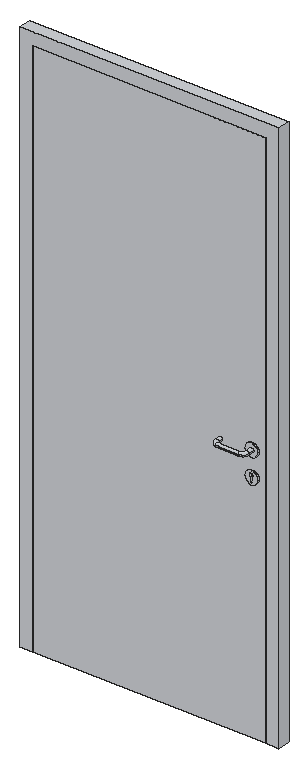
Revit family "DR_1PI_Pivot Door", category Doors, host Wall, Revit 2021
Family settings
  Host = Wall
  OmniClass Number = 23.30.10.00
  OmniClass Title = Doors
  Always vertical = Yes
  Cut with Voids When Loaded = No
  Shared = No
  Room Calculation Point = Yes
Parameters (values of type "900x2100_Int")
  YN_PushBar = no
  YN_Opening_DoubleSide = no
  YN_Handle_Internal = yes
  YN_Handle_External = yes
  YN_FlushWall_Int = yes
  YN_FlushWall_Ext = no
  Thickness = 0 mm  # constant formula
  TX_TypeCode = "1PI"
  TX_Host [instance] = ""
  Rough Width = 0 mm  # constant formula
  Rough Height = 0 mm  # constant formula
  MA_Panel = none
  MA_Handle = none
  MA_Frame = none
  Function = Interior
  Height = 0 mm  # constant formula
  Wall Closure = By host
  Width = 0 mm  # constant formula
  Description = "Porta a un'anta a bilico. Montata a filo interno."
  Define Thermal Properties by = Schematic Type
  DI_Width_Rough = DI_Width + (DI_Frame_Width * 2)  # 1000 mm
  DI_Width_Clear = DI_Width - DI_Hinge_OffsetX  # 800 mm
  DI_Width = 900 mm
  DI_Wall_Thickness [instance] = 200 mm
  DI_WallOpening_Interior [instance] = 0 mm
  DI_WallOpening_Exterior [instance] = 0 mm
  DI_VoidDepth_Below = 200 mm
  DI_Panel_Width = DI_Width  # 900 mm
  DI_Panel_Thickness = 50 mm
  DI_Panel_OffsetYC [instance] = 300 mm + if(YN_FlushWall_Int, 0 mm, if(YN_FlushWall_Ext, (DI_Wall_Thickness - DI_Frame_Thickness), DI_Panel_OffsetY))  # 300 mm
  DI_Panel_OffsetY [instance] = 0 mm
  DI_Panel_Height = DI_Height  # 2100 mm
  DI_Opening_Projection_Angle = 90.00°
  DI_Opening_Angle = 0.00°
  DI_Hinge_OffsetY = DI_Panel_Thickness / 2  # 25 mm
  DI_Hinge_OffsetX = 100 mm
  DI_Height_Rough = DI_Height + DI_Frame_Width  # 2150 mm
  DI_Height_Clear = DI_Height  # 2100 mm
  DI_Height = 2100 mm
  DI_Handle_OffsetZ = 1000 mm
  DI_Handle_OffsetX = 50 mm + DI_Hinge_OffsetX  # 150 mm
  DI_Frame_Width = 50 mm
  DI_Frame_Thickness = DI_Panel_Thickness  # 50 mm
  Analytic Construction = "<None>"
Types (6, lengths in mm): name | YN_PushBar | YN_Opening_DoubleSide | YN_Handle_Internal | YN_FlushWall_Int | YN_FlushWall_Ext | Description | DI_Panel_OffsetYC
  900x2100_Ext | no | no | yes | no | yes | "Porta a un'anta a bilico. Montata a filo esterno." | 450
  900x2100_Int | no | no | yes | yes | no | "Porta a un'anta a bilico. Montata a filo interno." | 300
  900x2100_Int_DS | no | yes | yes | yes | no | "Porta a un'anta a bilico va e vieni. Montata a filo interno." | 300
  900x2100_Ext_DS | no | yes | yes | no | yes | "Porta a un'anta a bilico va e vieni. Montata a filo esterno." | 450
  900x2100_Int_PB | yes | no | yes | yes | no | "Porta a un'anta a bilico con maniglione. Montata a filo interno." | 300
  900x2100_Ext_PB | yes | no | no | no | yes | "Porta a un'anta a bilico con maniglione. Montata a filo esterno." | 450
Reference planes
  plane 1 "Center": y = 0
  plane 2 "Center (Left/Right)": x = 0
  plane 3 "Left": x = -500
  plane 4 "Right": x = 500
  plane 5 "Top": z = 2150
  plane 6 "Back": y = 100
  plane 7 "Front": y = -100
  plane 8 "Left Panel": x = -450
  plane 9 "Frame": x = 450
  plane 10 "FrontPanel": y = -100
  plane 11 "BackPanel": y = -50
  plane 12 "Frame_Top": z = 2100
  plane 13 "MidllePanel": y = -75
  plane 14 "VoidDepth_Below": z = -200
  plane 15 "Posizione Cerniera Y": x = -350
  plane 16 "Posizione Cerniera X": y = 100
  plane 17 "Opening Projection Ext": y = 100
  plane 18 "Opening Projection Int": y = -100
  plane 19: y = -400
Forms (mm)
  Extrusion 1, void
    sketch origin (0, 0, 0) x (1, 0, 0) y (0, 1, 0)
      loop
        line (-500, 100) -> (-500, -100) -> (500, -100) -> (500, 100) -> (-500, 100)
    from -200 to 2150
Lines and regions (mm)
  symbolic lines, style "DoorsOpeningProjection"
    curve 1: line (-500, 100, 0) -> (500, 100, 0)
    curve 2: line (-500, -100, 0) -> (500, -100, 0)
  reference lines
    curve 3: line (-350, -75, 0) -> (-350, 765, 0)
    curve 4: line (-350, -75, 0) -> (470, -75, 0)
    curve 5: line (-350, -75, 0) -> (-350, -835, 0)
Text (mm)
  text "Exterior" at (-2295.016, 1099.543, 0), in view "Ref. Level"
  text "Exterior" at (0, 1615.38, 3698.081), in view "Left"
  text "Exterior" at (0, 1036.032, 3874.932), in view "Right"
Dimensions and locks
  equal spacing: plane 8 "Left Panel", plane 2 "Center (Left/Right)", plane 9 "Frame"
  locked: plane 6 "Back" to host wall
  locked: plane 7 "Front" to host wall
  "DI_Frame_Width": plane 5 "Top" to plane 12 "Frame_Top"
  "DI_Panel_Thickness": plane 11 "BackPanel" to plane 10 "FrontPanel"
  "DI_Panel_OffsetYC": plane 19 to plane 10 "FrontPanel"
  "DI_Width": plane 8 "Left Panel" to plane 9 "Frame"
  "DI_Frame_Width": plane 9 "Frame" to plane 4 "Right"
  "DI_Frame_Width": plane 3 "Left" to plane 8 "Left Panel"
  "DI_Height": plane 12 "Frame_Top" to level
  "DI_Wall_Thickness": host wall to host wall
  "DI_VoidDepth_Below": plane 14 "VoidDepth_Below" to level
  "DI_Hinge_OffsetX": plane 8 "Left Panel" to plane 15 "Posizione Cerniera Y"
  "DI_WallOpening_Exterior": plane 6 "Back" to plane 17 "Opening Projection Ext"
  "DI_WallOpening_Interior": plane 18 "Opening Projection Int" to plane 7 "Front"
  "DI_Hinge_OffsetY": plane 13 "MidllePanel" to plane 10 "FrontPanel"
  locked: plane 7 "Front" to plane 19 at 300
  "DI_Opening_Angle": angle plane 13 "MidllePanel" to curve 4
  "DI_Opening_Projection_Angle": angle plane 13 "MidllePanel" to curve 3
  "DI_Opening_Projection_Angle": angle curve 5 to plane 13 "MidllePanel"
  aligned and locked: plane 1 "Center" to host wall
  aligned and locked: Extrusion 1 sketch curve to plane 3 "Left"
  aligned and locked: plane 4 "Right" to Extrusion 1 sketch curve
  aligned and locked: Extrusion 1 to plane 5 "Top"
  aligned and locked: plane 2 "Center (Left/Right)" to nested 1
  aligned and locked: nested 1 to plane 13 "MidllePanel"
  aligned and locked: Extrusion 1 to plane 14 "VoidDepth_Below"
  aligned and locked: curve 1 to plane 17 "Opening Projection Ext"
  aligned and locked: plane 18 "Opening Projection Int" to curve 2
  aligned and locked: plane 13 "MidllePanel" to curve 4
  aligned and locked: plane 15 "Posizione Cerniera Y" to curve 4
  aligned and locked: plane 13 "MidllePanel" to curve 5
  aligned and locked: plane 15 "Posizione Cerniera Y" to curve 5
  aligned and locked: Extrusion 1 sketch curve to plane 17 "Opening Projection Ext"
  aligned and locked: Extrusion 1 sketch curve to plane 18 "Opening Projection Int"
  aligned and locked: plane 13 "MidllePanel" to curve 3
  aligned and locked: plane 15 "Posizione Cerniera Y" to curve 3
Automatic sketch dimensions
  curve 2 to plane 3 "Left" = 0 mm
  curve 1 to plane 3 "Left" = 0 mm
  curve 2 to plane 4 "Right" = 0 mm
  curve 1 to plane 4 "Right" = 0 mm
Nested families
  nested 1: "DR.FR_Generic Frame" at (0, -75, 0), MA_Frame <- "MA_Frame", Thickness <- "DI_Frame_Thickness", DI_Frame_Width <- "DI_Frame_Width", DI_Frame_Thickness <- "DI_Frame_Thickness", type "0"
    with Width 0 mm, Thickness 0 mm, MA_Frame none, Height 0 mm, DI_Width 1000 mm, DI_Height 2150 mm, DI_Frame_Width 50 mm, DI_Frame_Thickness 50 mm
  nested 2: "DR.PN_Panel Pivot" at (-350, 275, 0) x (0, 1, 0) z (0, 0, 1), DI_Panel_Height <- "DI_Panel_Height", DI_Panel_Thickness <- "DI_Panel_Thickness", DI_Panel_Width <- "DI_Panel_Width", DI_PivotHinge_Offset <- "DI_Hinge_OffsetX", YN_DoubleSideOpening <- "YN_Opening_DoubleSide", DI_Opening_Projection_Angle <- "DI_Opening_Projection_Angle", type "Pivot_Projection"
    with YN_DoubleSideOpening no, Thickness 0 mm, MA_Panel none, DI_PivotHinge_Offset 100 mm, DI_Panel_Width 900 mm, DI_Panel_Thickness 50 mm, DI_Panel_Height 2100 mm, DI_Opening_Projection_Angle 90.00°
  nested 3: "DR.PN_Panel Pivot" at (0, -75, 0), DI_Panel_Height <- "DI_Panel_Height", DI_Panel_Thickness <- "DI_Panel_Thickness", DI_Panel_Width <- "DI_Panel_Width", DI_PivotHinge_Offset <- "DI_Hinge_OffsetX", YN_DoubleSideOpening <- "YN_Opening_DoubleSide", DI_Opening_Projection_Angle <- "DI_Opening_Projection_Angle", MA_Panel <- "MA_Panel", type "Pivot"
    with YN_DoubleSideOpening no, Thickness 0 mm, MA_Panel none, DI_PivotHinge_Offset 100 mm, DI_Panel_Width 900 mm, DI_Panel_Thickness 50 mm, DI_Panel_Height 2100 mm, DI_Opening_Projection_Angle 90.00°
  nested 4: "DR.HA_Handle_DlineU_HW" at (-488.394, -75, 0) x (0, 1, 0) z (0, 0, 1), DI_Panel_Height <- "DI_Panel_Height", DI_Panel_Thickness <- "DI_Panel_Thickness", DI_Panel_Width <- "DI_Panel_Width", DI_Handle_OffsetX <- "DI_Handle_OffsetX", YN_Handle_External <- "YN_Handle_External", YN_Handle_Internal <- "YN_Handle_Internal", type "Projection"
    with YN_Opening_Pivot yes, YN_Handle_Internal yes, YN_Handle_External yes, MA_Handle none, DI_Panel_Width 900 mm, DI_Panel_Thickness 50 mm, DI_Panel_OffsetYC 25 mm, DI_Panel_OffsetY 25 mm, DI_Panel_Height 2100 mm, DI_Handle_OffsetZ 1000 mm, DI_Handle_OffsetX 150 mm
  nested 5: "DR.HA_Handle_DlineU_HW" at (-350, 63.394, 0), DI_Panel_Height <- "DI_Panel_Height", DI_Panel_Thickness <- "DI_Panel_Thickness", DI_Panel_Width <- "DI_Panel_Width", DI_Handle_OffsetX <- "DI_Handle_OffsetX", YN_Handle_External <- "YN_Handle_External", YN_Handle_Internal <- "YN_Handle_Internal", DI_Handle_OffsetZ <- "DI_Handle_OffsetZ", MA_Handle <- "MA_Handle", type "Cut"
    with YN_Opening_Pivot yes, YN_Handle_Internal yes, YN_Handle_External yes, MA_Handle none, DI_Panel_Width 900 mm, DI_Panel_Thickness 50 mm, DI_Panel_OffsetYC 25 mm, DI_Panel_OffsetY 0 mm, DI_Panel_Height 2100 mm, DI_Handle_OffsetZ 1000 mm, DI_Handle_OffsetX 150 mm
  nested 6: "DR.HA_Handle_Panicbar_HW" at (-421.497, -75, 0) x (0, 1, 0) z (0, 0, 1), DI_Panel_Thickness <- "DI_Panel_Thickness", DI_Panel_Width <- "DI_Width_Clear", YN_Handle_Internal <- "YN_PushBar", type "Projection"
    with YN_Handle_Internal no, YN_Handle_External no, MA_Handle none, DI_Panel_Width 800 mm, DI_Panel_Thickness 50 mm, DI_Panel_OffsetYC 25 mm, DI_Panel_OffsetY 0 mm, DI_Handle_OffsetZ 1000 mm, DI_Handle_OffsetX 400 mm, YN_Opening_Pivot yes
  nested 7: "DR.HA_Handle_Panicbar_HW" at (-350, -3.503, 0), DI_Panel_Thickness <- "DI_Panel_Thickness", DI_Panel_Width <- "DI_Width_Clear", YN_Handle_Internal <- "YN_PushBar", DI_Handle_OffsetZ <- "DI_Handle_OffsetZ", MA_Handle <- "MA_Handle", type "Cut"
    with YN_Handle_Internal no, YN_Handle_External no, MA_Handle none, DI_Panel_Width 800 mm, DI_Panel_Thickness 50 mm, DI_Panel_OffsetYC 25 mm, DI_Panel_OffsetY 0 mm, DI_Handle_OffsetZ 1000 mm, DI_Handle_OffsetX 400 mm, YN_Opening_Pivot yes
  nested 8: "DR.HA_Handle_Panicbar_HW" at (-278.503, -75, 0) x (0, -1, 0) z (0, 0, 1), DI_Panel_Thickness <- "DI_Panel_Thickness", DI_Panel_Width <- "DI_Width_Clear", YN_Handle_Internal <- "YN_PushBar", visible <- "YN_Opening_DoubleSide", type "Projection"
    with YN_Handle_Internal no, YN_Handle_External no, MA_Handle none, DI_Panel_Width 800 mm, DI_Panel_Thickness 50 mm, DI_Panel_OffsetYC 25 mm, DI_Panel_OffsetY 0 mm, DI_Handle_OffsetZ 1000 mm, DI_Handle_OffsetX 400 mm, YN_Opening_Pivot yes
  nested 9: "DR.HA_Handle_DlineU_HW" at (-211.606, -75, 0) x (0, -1, 0) z (0, 0, 1), DI_Panel_Height <- "DI_Panel_Height", DI_Panel_Thickness <- "DI_Panel_Thickness", DI_Panel_Width <- "DI_Panel_Width", DI_Handle_OffsetX <- "DI_Handle_OffsetX", YN_Handle_External <- "YN_Handle_External", YN_Handle_Internal <- "YN_Handle_Internal", visible <- "YN_Opening_DoubleSide", type "Projection"
    with YN_Opening_Pivot yes, YN_Handle_Internal yes, YN_Handle_External yes, MA_Handle none, DI_Panel_Width 900 mm, DI_Panel_Thickness 50 mm, DI_Panel_OffsetYC 25 mm, DI_Panel_OffsetY 0 mm, DI_Panel_Height 2100 mm, DI_Handle_OffsetZ 1000 mm, DI_Handle_OffsetX 150 mm
  nested 10: "DR.PN_Panel Pivot" at (-350, -425, 0) x (0, -1, 0) z (0, 0, 1), DI_Panel_Height <- "DI_Panel_Height", DI_Panel_Thickness <- "DI_Panel_Thickness", DI_Panel_Width <- "DI_Panel_Width", DI_PivotHinge_Offset <- "DI_Hinge_OffsetX", visible <- "YN_Opening_DoubleSide", type "Pivot_Projection"
    with YN_DoubleSideOpening no, Thickness 0 mm, MA_Panel none, DI_PivotHinge_Offset 100 mm, DI_Panel_Width 900 mm, DI_Panel_Thickness 50 mm, DI_Panel_Height 2100 mm, DI_Opening_Projection_Angle 60.00°
Definition of nested family "DR.FR_Generic Frame"
  Parameters (values of type "0")
    Width [instance] = 0 mm  # constant formula
    Thickness [instance] = 0 mm  # constant formula
    MA_Frame [instance] = none
    Height [instance] = 0 mm  # constant formula
    Define Thermal Properties by = 1
    Default Elevation = 0 mm
    DI_Width [instance] = 1200 mm
    DI_Height [instance] = 2100 mm
    DI_Frame_Width [instance] = 100 mm
    DI_Frame_Thickness [instance] = 200 mm
    Analytic Construction = "<None>"
  Reference planes
    plane 1 "Center (Front/Back)": y = 0
    plane 2: z = 0
    plane 3 "Center (Left/Right)": x = 0
    plane 4 "Left": x = -600
    plane 5 "Right": x = 600
    plane 6 "FrontFrame": y = -100
    plane 7 "Top": z = 2100
    plane 8: z = 1050
    plane 9: x = -500
    plane 10: x = 500
    plane 11 "BackFrame": y = 100
  Forms (mm)
    Sweep 1, solid, material <- "MA_Frame"
      path origin (0, -100, 0) x (-1, 0, 0) y (0, 0, 1)
        loop
          line (600, 0) -> (600, 2100) -> (-600, 2100) -> (-600, 0)
      profile origin (-600, -100, 1050) x (1, 0, 0) y (0, 1, 0)
        loop
          line (100, 200) -> (0, 200) -> (0, 0) -> (100, 0) -> (100, 200)
  Lines and regions (mm)
    Masking region 1
      outline origin (0, 0, 0) x (1, 0, 0) y (0, 1, 0)
        loop
          line (-600, -100) -> (-500, -100) -> (-500, 100) -> (-600, 100) -> (-600, -100)
    Masking region 2
      outline origin (0, 0, 0) x (1, 0, 0) y (0, 1, 0)
        loop
          line (600, -100) -> (600, 100) -> (500, 100) -> (500, -100) -> (600, -100)
  Dimensions and locks
    "DI_Width": plane 4 "Left" to plane 5 "Right"
    equal spacing: plane 4 "Left", plane 3 "Center (Left/Right)", plane 5 "Right"
    "DI_Frame_Thickness": plane 6 "FrontFrame" to plane 11 "BackFrame"
    "DI_Height": plane 7 "Top" to plane 2
    equal spacing: plane 7 "Top", plane 8, plane 2
    "DI_Frame_Width": plane 4 "Left" to plane 9
    "DI_Frame_Width": plane 10 to plane 5 "Right"
    equal spacing: plane 6 "FrontFrame", plane 1 "Center (Front/Back)", plane 11 "BackFrame"
    aligned and locked: level to plane 2
    aligned and locked: plane 4 "Left" to Sweep 1 sketch curve
    aligned and locked: plane 7 "Top" to Sweep 1 sketch curve
    aligned and locked: Sweep 1 sketch curve to plane 5 "Right"
    aligned and locked: plane 2 to Sweep 1 sketch curve  (x2)
    aligned and locked: Sweep 1 sketch curve to plane 9
    aligned and locked: Sweep 1 sketch curve to plane 6 "FrontFrame"
    aligned and locked: Sweep 1 sketch curve to plane 4 "Left"
    aligned and locked: Masking region 1 sketch curve to plane 4 "Left"
    aligned and locked: Masking region 1 sketch curve to plane 9
    aligned and locked: Masking region 1 sketch curve to plane 6 "FrontFrame"
    aligned and locked: plane 5 "Right" to Masking region 2 sketch curve
    aligned and locked: Masking region 2 sketch curve to plane 10
    aligned and locked: Masking region 2 sketch curve to plane 6 "FrontFrame"
    aligned and locked: plane 11 "BackFrame" to Masking region 1
    aligned and locked: plane 11 "BackFrame" to Masking region 2
    aligned and locked: plane 11 "BackFrame" to Sweep 1 sketch curve
  Automatic sketch dimensions
    Masking region 1 sketch curve to plane 1 "Center (Front/Back)" = 100 mm
    Masking region 2 sketch curve to plane 1 "Center (Front/Back)" = 100 mm
Definition of nested family "DR.PN_Panel Pivot"
  Parameters (values of type "Pivot")
    YN_Swing = not(YN_Panel_Projection)  # yes
    YN_Panel_Projection = no
    YN_Panel = not(YN_Panel_Projection)  # yes
    YN_DoubleSideOpening [instance] = no
    YN_3D = not(YN_Panel_Projection)  # yes
    Width = 0 mm  # constant formula
    Thickness [instance] = 0 mm  # constant formula
    Rough Width = 0 mm  # constant formula
    Rough Height = 0 mm  # constant formula
    MA_Panel [instance] = none
    Height = 0 mm  # constant formula
    Define Thermal Properties by = 1
    Default Elevation = 0 mm  # constant formula
    DI_PivotHinge_Offset [instance] = 100 mm
    DI_Panel_Width [instance] = 1200 mm
    DI_Panel_Thickness [instance] = 100 mm
    DI_Panel_Height [instance] = 2100 mm
    DI_Opening_Projection_Angle [instance] = 45.00°
    Analytic Construction = "<None>"
  Types (2, lengths in mm): name | YN_Swing | YN_Panel_Projection | YN_Panel | YN_3D | DI_Panel_Width | DI_Opening_Projection_Angle
    Pivot | yes | no | yes | yes | 1200 | 45.00°
    Pivot_Projection | no | yes | no | no | 1000 | 60.00°
  Reference planes
    plane 1 "Center (Front/Back)": y = 0
    plane 2: z = 0
    plane 3 "Center (Left/Right)": x = 0
    plane 4 "Left": x = -600
    plane 5 "Right": x = 600
    plane 6 "FrontPanel": y = -50
    plane 7 "Top": z = 2100
    plane 8: z = 1050
    plane 9 "BackPanel": y = 50
    plane 10 "Y_Bilico": x = -500
  Forms (mm)
    Extrusion 1, solid, material <- "MA_Panel", visible <- "YN_3D"
      sketch origin (1340, 700, 0) x (1, 0, 0) y (0, 1, 0)
        loop
          line (-1940, -750) -> (-740, -750) -> (-740, -650) -> (-1940, -650) -> (-1940, -750)
      from 0 to 2100
  Lines and regions (mm)
    Masking region 1, visible <- "YN_Panel"
      outline origin (40, 290, 0) x (1, 0, 0) y (0, 1, 0)
        loop
          line (-640, -240) -> (-640, -340) -> (560, -340) -> (560, -240) -> (-640, -240)
    model lines, not visible
      curve 1: line (-500, -50, 2100) -> (600, -50, 1050)
      curve 2: line (-500, -50, 0) -> (600, -50, 1050)
      curve 7: line (-342.5, -50, 1050) -> (467.5, -50, 1050)
      curve 8: line (-342.5, 50, 1050) -> (467.5, 50, 1050)
    model lines, visible <- "YN_Swing"
      curve 3: line (-500, -50, 2100) -> (600, -50, 1050)
      curve 4: line (-500, -50, 0) -> (600, -50, 1050)
      curve 5: line (-500, 50, 2100) -> (600, 50, 1050)
      curve 6: line (600, 50, 1050) -> (-500, 50, 0)
      curve 15: line (-500, 50, 0) -> (-600, 50, 1050)
      curve 16: line (-600, 50, 1050) -> (-500, 50, 2100)
      curve 17: line (-500, -50, 0) -> (-600, -50, 1050)
      curve 18: line (-600, -50, 1050) -> (-500, -50, 2100)
      curve 19: line (-500, 50, 0) -> (-500, 50, 2100)
      curve 20: line (-500, -50, 0) -> (-500, -50, 2100)
    reference lines
      curve 9: line (-500, 0, 0) -> (-277.261, 222.739, 0)
      curve 12: line (-500, 0, 0) -> (-277.261, -222.739, 0)
    symbolic lines, visible <- "YN_Swing"
      curve 10: arc (600, 0, 0) -> (516.267, 420.952, 0) -> (277.817, 777.817, 0) r 1100
      curve 11: arc (-600, 0, 0) -> (-592.388, -38.268, 0) -> (-570.711, -70.711, 0) r 100
    symbolic lines, visible <- "YN_DoubleSideOpening"
      curve 13: arc (600, 0, 0) -> (516.267, -420.952, 0) -> (277.817, -777.817, 0) r 1100
      curve 14: arc (-600, 0, 0) -> (-592.388, 38.268, 0) -> (-570.711, 70.711, 0) r 100
    symbolic lines, visible <- "YN_Panel_Projection"
      curve 21: line (-600, 50, 0) -> (600, 50, 0)
    symbolic lines, visible <- "YN_Panel_Projection", detail levels medium+fine
      curve 22: line (-600, -50, 0) -> (-600, 50, 0)
      curve 23: line (600, -50, 0) -> (-600, -50, 0)
      curve 24: line (600, 50, 0) -> (600, -50, 0)
  Dimensions and locks
    "DI_Panel_Width": plane 4 "Left" to plane 5 "Right"
    equal spacing: plane 4 "Left", plane 3 "Center (Left/Right)", plane 5 "Right"
    "DI_Panel_Thickness": plane 6 "FrontPanel" to plane 9 "BackPanel"
    "DI_Panel_Height": plane 7 "Top" to plane 2
    equal spacing: plane 7 "Top", plane 8, plane 2
    plane 4 "Left" to plane 3 "Center (Left/Right)" = 600 mm
    equal spacing: plane 6 "FrontPanel", plane 1 "Center (Front/Back)", plane 9 "BackPanel"
    "DI_PivotHinge_Offset": plane 4 "Left" to plane 10 "Y_Bilico"
    plane 7 "Top" to curve 1 = 0 mm
    "DI_Opening_Projection_Angle": angle plane 1 "Center (Front/Back)" to curve 9
    "DI_Opening_Projection_Angle": angle curve 12 to plane 1 "Center (Front/Back)"
    aligned and locked: level to plane 2
    aligned and locked: plane 4 "Left" to Extrusion 1
    aligned and locked: plane 9 "BackPanel" to Extrusion 1
    aligned and locked: plane 5 "Right" to Extrusion 1
    aligned and locked: Extrusion 1 to plane 6 "FrontPanel"
    aligned and locked: plane 7 "Top" to Extrusion 1
    aligned and locked: curve 9 to curve 10
    aligned and locked: curve 11 to curve 9
    aligned and locked: plane 1 "Center (Front/Back)" to curve 11
    aligned and locked: plane 4 "Left" to curve 11
    aligned and locked: curve 12 to curve 13
    aligned and locked: curve 14 to curve 12
    aligned and locked: plane 1 "Center (Front/Back)" to curve 12
    aligned and locked: plane 10 "Y_Bilico" to curve 12
    aligned and locked: curve 19 to plane 10 "Y_Bilico"
    aligned and locked: plane 2 to curve 19
    aligned and locked: plane 7 "Top" to curve 19
    aligned and locked: plane 10 "Y_Bilico" to curve 20
    aligned and locked: plane 2 to curve 20
    aligned and locked: Masking region 1 sketch curve to plane 4 "Left"
    aligned and locked: Masking region 1 sketch curve to plane 5 "Right"
    aligned and locked: plane 6 "FrontPanel" to Masking region 1 sketch curve
    aligned and locked: Masking region 1 sketch curve to plane 9 "BackPanel"
    aligned and locked: curve 21 to plane 9 "BackPanel"
    aligned and locked: curve 22 to plane 4 "Left"
    aligned and locked: plane 6 "FrontPanel" to curve 23
    aligned and locked: curve 24 to plane 5 "Right"
  Automatic sketch dimensions
    curve 8 to curve 8 = 810 mm
    Extrusion 1 sketch curve to plane 4 "Left" = 0 mm
    Extrusion 1 sketch curve to plane 5 "Right" = 0 mm
    Extrusion 1 sketch curve to plane 6 "FrontPanel" = 0 mm
    Extrusion 1 sketch curve to plane 9 "BackPanel" = 0 mm
    curve 7 to plane 8 = 0 mm
    plane 10 "Y_Bilico" to curve 7 = 157.5 mm
    curve 7 to plane 5 "Right" = 132.5 mm
    curve 5 to plane 5 "Right" = 0 mm
    curve 8 to plane 8 = 0 mm
    plane 4 "Left" to curve 15 = 0 mm
    curve 5 to plane 8 = 0 mm
    curve 15 to plane 8 = 0 mm
    curve 8 to plane 5 "Right" = 132.5 mm
    plane 10 "Y_Bilico" to curve 8 = 157.5 mm
    curve 1 to plane 5 "Right" = 0 mm
    plane 4 "Left" to curve 17 = 0 mm
    curve 1 to plane 8 = 0 mm
    curve 18 to plane 8 = 0 mm
    curve 10 to curve 11 = 0 mm  (x2)
    curve 11 to curve 14 = 0 mm
    curve 13 to curve 14 = 0 mm
    curve 14 to plane 10 "Y_Bilico" = 0 mm
    curve 13 to plane 5 "Right" = 0 mm
Definition of nested family "DR.HA_Handle_DlineU_HW"
  Parameters (values of type "Cut")
    YN_Opening_Pivot [instance] = no
    YN_Handle_Internal [instance] = yes
    YN_Handle_External [instance] = yes
    MA_Handle [instance] = none
    Handle = DR.HA_Handle_DlineU : Cut
    Define Thermal Properties by = 1
    Default Elevation = 0 mm  # constant formula
    DI_Panel_Width [instance] = 900 mm
    DI_Panel_Thickness [instance] = 40 mm
    DI_Panel_OffsetYC [instance] = if(YN_Opening_Pivot, (DI_Panel_Thickness / 2), DI_Panel_OffsetY)  # 0 mm
    DI_Panel_OffsetY [instance] = 0 mm
    DI_Panel_Height [instance] = 2148.093 mm
    DI_Handle_OffsetZ [instance] = 1000 mm
    DI_Handle_OffsetX [instance] = 50 mm
    Analytic Construction = "<None>"
  Types (2, lengths in mm): name | YN_Opening_Pivot | Handle | DI_Panel_OffsetYC
    Projection | yes | DR.HA_Handle_DlineU : Projection | 20
    Cut | no | DR.HA_Handle_DlineU : Cut | 0
  Reference planes
    plane 1 "Panel_Ext": y = -138.394
    plane 2: z = 0
    plane 3 "Center (Left/Right)": x = 0
    plane 4 "Panel_Int": y = -178.394
    plane 5: z = 1000
    plane 6: x = 900
    plane 7: x = 850
    plane 8: z = 2148.093
    plane 9 "Origin": y = -138.394
  Lines and regions (mm)
    symbolic lines, detail levels coarse
      curve 1: line (0, -178.394, 0) -> (0, -138.394, 0)
  Dimensions and locks
    "DI_Panel_Thickness": plane 4 "Panel_Int" to plane 1 "Panel_Ext"
    "DI_Handle_OffsetZ": plane 2 to plane 5
    "DI_Panel_Width": plane 6 to plane 3 "Center (Left/Right)"
    "DI_Handle_OffsetX": plane 6 to plane 7
    "DI_Panel_Height": plane 8 to level
    "DI_Panel_OffsetYC": plane 9 "Origin" to plane 1 "Panel_Ext"
    aligned and locked: plane 2 to level
    aligned and locked: plane 7 to nested 2
    aligned and locked: nested 1 to plane 7
    aligned and locked: plane 4 "Panel_Int" to nested 1
    aligned and locked: plane 1 "Panel_Ext" to nested 2
  Automatic sketch dimensions
    plane 1 "Panel_Ext" to curve 1 = 0 mm
    curve 1 to plane 3 "Center (Left/Right)" = 0 mm
    plane 4 "Panel_Int" to curve 1 = 0 mm
  Nested families
    nested 1: "DR.HA_Handle_DlineU" at (850, -178.394, 1000), built-in parameter 1001364 <- "DI_Handle_OffsetZ", visible <- "YN_Handle_Internal", MA_Handle <- "MA_Handle", type <- "Handle", type "Cut"
      with MA_Handle none
    nested 2: "DR.HA_Handle_DlineU" at (850, -138.394, 1000), built-in parameter 1001364 <- "DI_Handle_OffsetZ", visible <- "YN_Handle_External", MA_Handle <- "MA_Handle", type <- "Handle", type "Cut"
      with MA_Handle none
  Definition of nested family "DR.HA_Handle_DlineU"
    Parameters (values of type "Cut")
      YN_Graphics_Projection = no
      YN_Graphics_Cut = yes
      YN_3D = yes
      MA_Handle [instance] = none
      Define Thermal Properties by = 1
      Default Elevation = 0 mm  # constant formula
      Analytic Construction = "<None>"
    Types (2, lengths in mm): name | YN_Graphics_Projection | YN_Graphics_Cut | YN_3D
      Cut | no | yes | yes
      Projection | yes | no | no
    Reference planes
      plane 1 "Center (Front/Back)": y = 0
      plane 2: z = 0
      plane 3 "Center (Left/Right)": x = 0
    Forms (mm)
      Extrusion 1, solid, material <- "MA_Handle", visible <- "YN_3D"
        sketch origin (-0.15, 0, 0) x (1, 0, 0) y (0, 0, 1)
          loop
            circle (0, 0) r 25
        from 0 to 4
      Extrusion 2, solid, material <- "MA_Handle", visible <- "YN_3D", detail levels medium+fine
        sketch origin (-0.15, 0, -194.519) x (1, 0, 0) y (0, 0, 1)
          loop
            circle (0, 99.519) r 25
        from 0 to 4
      Extrusion 3, void, detail levels medium+fine
        sketch origin (-0.15, -15, 0) x (1, 0, 0) y (0, 0, 1)
          loop
            line (-3.787, -93.841) -> (-3.787, -107.646)
            arc (-3.787, -107.646) -> (0, -111.433) -> (3.787, -107.646) r 3.787
            line (3.787, -107.646) -> (3.787, -94.007)
            arc (3.787, -94.007) -> (0.321, -79.308) -> (-3.787, -93.841) r 7.8
        from -15 to 0
      Sweep 4, solid, material <- "MA_Handle", visible <- "YN_3D"
        path origin (0, 0, 0) x (1, 0, 0) y (0, 1, 0)
          loop
            line (-116, -10) -> (-116, -28)
            arc (-116, -28) -> (-111.899, -37.899) -> (-102, -42) r 14
            line (-102, -42) -> (-14, -42)
            arc (-14, -42) -> (-4.101, -37.899) -> (0, -28) r 14
            line (0, -28) -> (0, 0)
        profile origin (-58, -42, 0) x (0, 1, 0) y (0, 0, 1)
          loop
            circle (0, 0) r 7
    Cuts and joins
      Extrusion 3 cuts Extrusion 2
      joined: Extrusion 1, Sweep 4
    Lines and regions (mm)
      Masking region 1, visible <- "YN_Graphics_Cut"
        outline origin (0, 0, 0) x (1, 0, 0) y (0, 1, 0)
          loop
            line (-25.15, 0) -> (-25.15, -4) -> (-7, -4) -> (-7, -27.995)
            arc (-7, -27.995) -> (-9.05, -32.945) -> (-14, -34.995) r 7
            line (-14, -34.995) -> (-102, -34.995)
            arc (-102, -34.995) -> (-106.95, -32.945) -> (-109, -27.995) r 7
            line (-109, -27.995) -> (-109, -10) -> (-123, -10) -> (-123, -28.195)
            arc (-123, -28.195) -> (-116.908, -42.903) -> (-102.2, -48.995) r 20.8
            line (-102.2, -48.995) -> (-13.8, -48.995)
            arc (-13.8, -48.995) -> (0.908, -42.903) -> (7, -28.195) r 20.8
            line (7, -28.195) -> (7, -4) -> (24.85, -4) -> (24.85, 0) -> (-25.15, 0)
      symbolic lines, visible <- "YN_Graphics_Projection", detail levels medium+fine
        curve 1: line (-25.15, 0, 0) -> (24.85, 0, 0)
        curve 2: line (-25.15, -4, 0) -> (-7, -4, 0)
        curve 3: line (-25.15, -4, 0) -> (-25.15, 0, 0)
        curve 4: line (24.85, -4, 0) -> (24.85, 0, 0)
        curve 5: line (-102, -34.995, 0) -> (-14, -34.995, 0)
        curve 6: line (-7, -27.995, 0) -> (-7, -4, 0)
        curve 7: line (7, -28.195, 0) -> (7, -4, 0)
        curve 8: line (-13.8, -48.995, 0) -> (-102.2, -48.995, 0)
        curve 9: line (7, -4, 0) -> (24.85, -4, 0)
        curve 10: line (-123, -10, 0) -> (-109, -10, 0)
        curve 11: line (-109, -27.995, 0) -> (-109, -10, 0)
        curve 12: line (-123, -10, 0) -> (-123, -28.195, 0)
        curve 13: arc (-14, -34.995, 0) -> (-9.05, -32.945, 0) -> (-7, -27.995, 0) r 7
        curve 14: arc (7, -28.195, 0) -> (0.908, -42.903, 0) -> (-13.8, -48.995, 0) r 20.8
        curve 15: arc (-102, -34.995, 0) -> (-106.95, -32.945, 0) -> (-109, -27.995, 0) r 7
        curve 16: arc (-123, -28.195, 0) -> (-116.908, -42.903, 0) -> (-102.2, -48.995, 0) r 20.8
      symbolic lines, visible <- "YN_Graphics_Cut", detail levels medium+fine
        curve 17: line (-7, -4, 0) -> (7, -4, 0)
    Dimensions and locks
      Masking region 1 to Masking region 1 = 50 mm
      aligned and locked: plane 2 to level
      aligned and locked: cut or joined group of Extrusion 2, Extrusion 3 to Sweep 4 sketch curve
Definition of nested family "DR.HA_Handle_Panicbar_HW"
  Parameters (values of type "Projection")
    YN_Opening_Pivot = no
    YN_Handle_Internal [instance] = yes
    YN_Handle_External [instance] = no
    MA_Handle [instance] = none
    Handle = DR.HA_Handle_Panicbar : Projection
    Define Thermal Properties by = 1
    Default Elevation = 0 mm  # constant formula
    DI_Panel_Width [instance] = 900 mm
    DI_Panel_Thickness [instance] = 40 mm
    DI_Panel_OffsetYC [instance] = if(YN_Opening_Pivot, (DI_Panel_Thickness / 2), DI_Panel_OffsetY)  # 0 mm
    DI_Panel_OffsetY [instance] = 0 mm
    DI_Handle_OffsetZ [instance] = 1000 mm
    DI_Handle_OffsetX [instance] = DI_Panel_Width / 2  # 450 mm
    Analytic Construction = "<None>"
  Types (2, lengths in mm): name | Handle | DI_Panel_Width | DI_Handle_OffsetX
    Projection | DR.HA_Handle_Panicbar : Projection | 900 | 450
    Cut | DR.HA_Handle_Panicbar : Cut | 800 | 400
  Reference planes
    plane 1 "Panel_Ext": y = -71.497
    plane 2: z = 0
    plane 3 "Center (Left/Right)": x = 0
    plane 4 "Panel_Int": y = -111.497
    plane 5: z = 1000
    plane 6: x = 900
    plane 7: x = 450
    plane 8 "Origin": y = -71.497
  Lines and regions (mm)
    symbolic lines, detail levels coarse
      curve 1: line (0, -111.497, 0) -> (0, -71.497, 0)
  Dimensions and locks
    "DI_Panel_Thickness": plane 4 "Panel_Int" to plane 1 "Panel_Ext"
    "DI_Handle_OffsetZ": plane 2 to plane 5
    "DI_Panel_Width": plane 6 to plane 3 "Center (Left/Right)"
    "DI_Handle_OffsetX": plane 6 to plane 7
    "DI_Panel_OffsetYC": plane 1 "Panel_Ext" to plane 8 "Origin"
    aligned and locked: plane 2 to level
    aligned and locked: plane 4 "Panel_Int" to nested 1
    aligned and locked: nested 1 to plane 7
  Automatic sketch dimensions
    plane 1 "Panel_Ext" to curve 1 = 0 mm
    curve 1 to plane 3 "Center (Left/Right)" = 0 mm
    plane 4 "Panel_Int" to curve 1 = 0 mm
  Nested families
    nested 1: "DR.HA_Handle_Panicbar" at (450, -111.497, 1000), visible <- "YN_Handle_Internal", built-in parameter 1001364 <- "DI_Handle_OffsetZ", type <- "Handle", DI_Width <- "DI_Panel_Width", type "Projection"
      with DI_Width 900 mm
  Definition of nested family "DR.HA_Handle_Panicbar"
    Parameters (values of type "Cut")
      YN_Graphics_Projection = no
      YN_Graphics_Cut = yes
      YN_3D = yes
      Width = 0 mm  # constant formula
      Thickness = 0 mm  # constant formula
      Rough Width = 0 mm  # constant formula
      Rough Height = 0 mm  # constant formula
      MA_Material = none
      Height = 0 mm  # constant formula
      Define Thermal Properties by = 1
      Default Elevation = 0 mm
      DI_Width [instance] = 1000 mm
      Analytic Construction = "<None>"
    Types (3, lengths in mm): name | YN_Graphics_Projection | YN_Graphics_Cut | YN_3D
      (no name) | no | yes | yes
      Cut | no | yes | yes
      Projection | yes | no | no
    Reference planes
      plane 1 "Center (Front/Back)": y = 0
      plane 2: z = 0
      plane 3 "Center (Left/Right)": x = 0
      plane 4: x = -445
      plane 5: x = 445
      plane 6: y = -80
      plane 7: x = -495
      plane 8: x = 495
      plane 9: y = -55
      plane 10: y = -52
      plane 11: z = 155.5
      plane 12: z = -25
      plane 13: z = 7.5
      plane 14 "Panel Left": x = -500
      plane 15 "Panel Right": x = 500
      plane 16: x = 451
      plane 17: x = -451
    Forms (mm)
      Extrusion 1, solid, material <- "MA_Material", visible <- "YN_3D"
        sketch origin (0, 0, 12.5) x (0, 1, 0) y (0, 0, 1)
          loop
            circle (-67.5, -25) r 12.5
        from -451 to 451
      Extrusion 2, solid, material <- "MA_Material", visible <- "YN_3D"
        sketch origin (-495, 0, 0) x (0, 1, 0) y (0, 0, 1)
          loop
            line (0, 155.5) -> (-36, 155.5)
            arc (-36, 155.5) -> (-52, 81.5) -> (-36, 7.5) r 179.125
            line (-36, 7.5) -> (0, 7.5) -> (0, 155.5)
        from 0 to 50
      Extrusion 3, solid, material <- "MA_Material", visible <- "YN_3D"
        sketch origin (-459, 0, 0) x (0, 1, 0) y (0, 0, 1)
          loop
            arc (-78.794, -7.142) -> (-72.858, -23.794) -> (-56.206, -17.858) r 12.5
            line (-56.206, -17.858) -> (-39.843, 16.635)
            arc (-39.843, 16.635) -> (-45.853, 34.976) -> (-49.854, 53.858) r 179.125
            line (-49.854, 53.858) -> (-78.794, -7.142)
        from 0 to 8
      Extrusion 4, solid, material <- "MA_Material", visible <- "YN_3D"
        sketch origin (495, 0, 0) x (0, -1, 0) y (0, 0, 1)
          loop
            line (0, 155.5) -> (0, 7.5) -> (36, 7.5)
            arc (36, 7.5) -> (52, 81.5) -> (36, 155.5) r 179.125
            line (36, 155.5) -> (0, 155.5)
        from 0 to 50
      Extrusion 5, solid, material <- "MA_Material", visible <- "YN_3D"
        sketch origin (459, 0, 0) x (0, -1, 0) y (0, 0, 1)
          loop
            line (78.794, -7.142) -> (49.854, 53.858)
            arc (49.854, 53.858) -> (45.853, 34.976) -> (39.843, 16.635) r 179.125
            line (39.843, 16.635) -> (56.206, -17.858)
            arc (56.206, -17.858) -> (72.858, -23.794) -> (78.794, -7.142) r 12.5
        from 0 to 8
      Extrusion 6, solid, material <- "MA_Material", visible <- "YN_3D", not visible
        sketch origin (495, 0, 0) x (0, -1, 0) y (0, 0, 1)
          loop
            line (0, 155.5) -> (0, 7.5) -> (36, 7.5)
            arc (36, 7.5) -> (52, 81.5) -> (36, 155.5) r 179.125
            line (36, 155.5) -> (0, 155.5)
        from 0 to 50
      Extrusion 7, solid, material <- "MA_Material", visible <- "YN_3D", not visible
        sketch origin (459, 0, 0) x (0, -1, 0) y (0, 0, 1)
          loop
            line (78.794, -7.142) -> (49.854, 53.858)
            arc (49.854, 53.858) -> (45.853, 34.976) -> (39.843, 16.635) r 179.125
            line (39.843, 16.635) -> (56.206, -17.858)
            arc (56.206, -17.858) -> (72.858, -23.794) -> (78.794, -7.142) r 12.5
        from 0 to 8
    Lines and regions (mm)
      Masking region 1, visible <- "YN_Graphics_Cut", detail levels coarse
        outline origin (0, 0, 0) x (1, 0, 0) y (0, 1, 0)
          loop
            line (-495, 0) -> (-495, -80) -> (495, -80) -> (495, 0) -> (-495, 0)
      Masking region 2, visible <- "YN_Graphics_Cut", detail levels medium+fine
        outline origin (0, 0, 0) x (1, 0, 0) y (0, 1, 0)
          loop
            line (-495, 0) -> (-495, -52) -> (-459, -52) -> (-459, -80) -> (459, -80) -> (459, -52) -> (495, -52) -> (495, 0) -> (445, 0) -> (445, -52) -> (451, -52) -> (451, -55) -> (-451, -55) -> (-451, -52) -> (-445, -52) -> (-445, 0) -> (-495, 0)
      symbolic lines, visible <- "YN_Graphics_Projection", detail levels medium+fine
        curve 1: line (-495, 0, 0) -> (-445, 0, 0)
        curve 2: line (-495, -52, 0) -> (-495, 0, 0)
        curve 3: line (-445, -52, 0) -> (-495, -52, 0)
        curve 4: line (-445, 0, 0) -> (-445, -52, 0)
        curve 6: line (-451, -52, 0) -> (-451, -80, 0)
        curve 7: line (459, -80, 0) -> (-459, -80, 0)
        curve 8: line (-459, -80, 0) -> (-459, -52, 0)
        curve 9: line (495, 0, 0) -> (445, 0, 0)
        curve 10: line (495, -52, 0) -> (495, 0, 0)
        curve 11: line (445, -52, 0) -> (495, -52, 0)
        curve 12: line (445, 0, 0) -> (445, -52, 0)
        curve 14: line (451, -52, 0) -> (451, -80, 0)
        curve 15: line (459, -80, 0) -> (459, -52, 0)
        curve 16: line (-451, -55, 0) -> (451, -55, 0)
      symbolic lines, visible <- "YN_Graphics_Projection", detail levels fine
        curve 5: line (-445, -36, 0) -> (-495, -36, 0)
        curve 13: line (445, -36, 0) -> (495, -36, 0)
      symbolic lines, visible <- "YN_Graphics_Cut", detail levels fine
        curve 17: line (-445, -36, 0) -> (-495, -36, 0)
        curve 18: line (445, -36, 0) -> (495, -36, 0)
        curve 19: line (-451, -55, 0) -> (-451, -80, 0)
        curve 20: line (451, -55, 0) -> (451, -80, 0)
    Dimensions and locks
      plane 9 to plane 6 = 25 mm
      locked: plane 6 to plane 1 "Center (Front/Back)" at 80
      locked: plane 7 to plane 4 at 50
      locked: plane 5 to plane 8 at 50
      locked: plane 14 "Panel Left" to plane 7 at 5
      locked: plane 15 "Panel Right" to plane 8 at 5
      equal spacing: plane 14 "Panel Left", plane 3 "Center (Left/Right)", plane 15 "Panel Right"
      "DI_Width": plane 14 "Panel Left" to plane 15 "Panel Right"
      plane 10 to plane 1 "Center (Front/Back)" = 52 mm
      locked: curve 8 to curve 6 at 8
      locked: curve 15 to curve 14 at 8
      locked: plane 12 to plane 2 at 25
      locked: plane 5 to plane 16 at 6
      locked: plane 4 to plane 17 at 6
      plane 11 to plane 13 = 148 mm
      locked: Extrusion 3 to plane 17 at 8
      locked: Extrusion 5 to plane 16 at 8
      aligned and locked: level to plane 2
      aligned and locked: Masking region 1 to plane 7
      aligned and locked: Masking region 1 to plane 1 "Center (Front/Back)"
      aligned and locked: Masking region 1 to plane 6
      aligned and locked: Masking region 1 to plane 8
      aligned and locked: Masking region 2 to plane 7
      aligned and locked: Masking region 2 to plane 6
      aligned and locked: Masking region 2 to plane 8
      aligned and locked: Masking region 2 to plane 1 "Center (Front/Back)"
      aligned and locked: plane 1 "Center (Front/Back)" to curve 1
      aligned and locked: plane 7 to curve 2
      aligned and locked: plane 10 to curve 3
      aligned and locked: curve 4 to plane 4
      aligned and locked: plane 6 to curve 7
      aligned and locked: curve 12 to plane 5
      aligned and locked: curve 10 to plane 8
      aligned and locked: curve 16 to plane 9
      aligned and locked: curve 19 to Masking region 2
      aligned and locked: Masking region 2 to curve 20
      aligned and locked: Masking region 2 to Extrusion 1
      aligned and locked: Extrusion 1 to Masking region 2
      aligned and locked: Extrusion 2 to plane 7
      aligned and locked: plane 4 to Extrusion 2
      aligned and locked: Extrusion 3 to plane 17
      aligned and locked: plane 17 to Extrusion 1
      aligned and locked: plane 16 to Extrusion 1
    Automatic sketch dimensions
      Extrusion 3 sketch curve to Extrusion 3 sketch curve = 11.294 mm  (x2)
      Extrusion 2 sketch curve to Extrusion 2 sketch curve = 0 mm
      Extrusion 2 sketch curve to Extrusion 2 sketch curve = 36 mm
      Extrusion 2 sketch curve to Extrusion 2 sketch curve = 127.125 mm
      Extrusion 2 sketch curve to Extrusion 2 sketch curve = 74 mm
      Extrusion 3 sketch curve to Extrusion 3 sketch curve = 28.939 mm
      Extrusion 3 sketch curve to Extrusion 3 sketch curve = 16.364 mm
      Extrusion 3 sketch curve to Extrusion 3 sketch curve = 166.968 mm
      Extrusion 3 sketch curve to Extrusion 3 sketch curve = 5.358 mm
      Extrusion 3 sketch curve to Extrusion 3 sketch curve = 34.492 mm
      Extrusion 3 sketch curve to Extrusion 3 sketch curve = 37.223 mm
      Extrusion 5 sketch curve to Extrusion 5 sketch curve = 11.294 mm  (x2)
      Extrusion 4 sketch curve to Extrusion 4 sketch curve = 0 mm
      Extrusion 4 sketch curve to Extrusion 4 sketch curve = 36 mm
      Extrusion 4 sketch curve to Extrusion 4 sketch curve = 127.125 mm
      Extrusion 4 sketch curve to Extrusion 4 sketch curve = 74 mm
      Extrusion 5 sketch curve to Extrusion 5 sketch curve = 28.939 mm
      Extrusion 5 sketch curve to Extrusion 5 sketch curve = 16.364 mm
      Extrusion 5 sketch curve to Extrusion 5 sketch curve = 166.968 mm
      Extrusion 5 sketch curve to Extrusion 5 sketch curve = 5.358 mm
      Extrusion 5 sketch curve to Extrusion 5 sketch curve = 34.492 mm
      Extrusion 5 sketch curve to Extrusion 5 sketch curve = 37.223 mm
      plane 1 "Center (Front/Back)" to curve 9 = 0 mm
      curve 18 to curve 13 = 0 mm
      curve 17 to curve 5 = 0 mm
      Masking region 1 sketch curve to plane 6 = 0 mm
      Masking region 1 sketch curve to plane 7 = 0 mm
      Masking region 1 sketch curve to plane 8 = 0 mm
      plane 1 "Center (Front/Back)" to Masking region 1 sketch curve = 0 mm
      Masking region 2 sketch curve to plane 7 = 0 mm
      Masking region 2 sketch curve to plane 6 = 0 mm
      Masking region 2 sketch curve to plane 10 = 0 mm  (x4)
      Masking region 2 sketch curve to plane 9 = 0 mm
      Masking region 2 sketch curve to plane 17 = 0 mm
      plane 1 "Center (Front/Back)" to Masking region 2 sketch curve = 0 mm  (x2)
      Masking region 2 sketch curve to plane 4 = 0 mm
      Masking region 2 sketch curve to plane 5 = 0 mm
      Masking region 2 sketch curve to plane 16 = 0 mm
      Masking region 2 sketch curve to plane 8 = 0 mm
      plane 17 to Masking region 2 sketch curve = 8 mm
      Masking region 2 sketch curve to Masking region 2 sketch curve = 8 mm
      plane 6 to Extrusion 1 sketch curve = 12.5 mm
      Extrusion 1 sketch curve to level = 12.5 mm
      Extrusion 7 sketch curve to Extrusion 7 sketch curve = 11.294 mm  (x2)
      Extrusion 6 sketch curve to Extrusion 6 sketch curve = 0 mm
      Extrusion 6 sketch curve to Extrusion 6 sketch curve = 36 mm
      Extrusion 6 sketch curve to Extrusion 6 sketch curve = 127.125 mm
      Extrusion 6 sketch curve to Extrusion 6 sketch curve = 74 mm
      Extrusion 7 sketch curve to Extrusion 7 sketch curve = 28.939 mm
      Extrusion 7 sketch curve to Extrusion 7 sketch curve = 16.364 mm
      Extrusion 7 sketch curve to Extrusion 7 sketch curve = 166.968 mm
      Extrusion 7 sketch curve to Extrusion 7 sketch curve = 5.358 mm
      Extrusion 7 sketch curve to Extrusion 7 sketch curve = 34.492 mm
      Extrusion 7 sketch curve to Extrusion 7 sketch curve = 37.223 mm
      curve 6 to plane 17 = 0 mm
      curve 14 to plane 16 = 0 mm
      curve 12 to plane 10 = 0 mm
      curve 2 to curve 17 = 16 mm
      curve 11 to curve 13 = 16 mm
      radius of Extrusion 1 sketch curve = 12.5 mm
